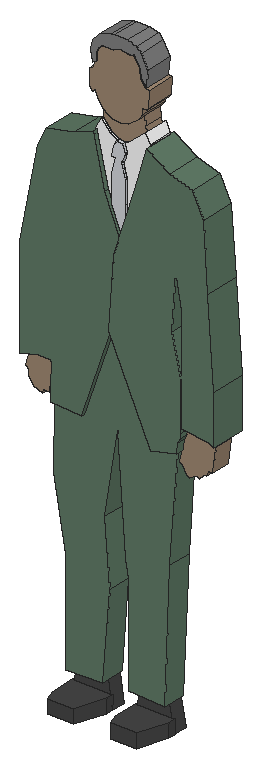
Revit family
Parameters (values of type "Man")
  Height = 0 mm
  Assembly Code = ""
Reference planes
  plane 1 "Center (Front/Back)": y = 0
  plane 2: z = 0
  plane 3 "Center (Left/Right)": x = -11.745
Forms (mm)
  Extrusion 1, solid, material "Fabric - Silver Grey"
    sketch origin (0, 0, 0) x (1, 0, 0) y (0, 0, 1)
      loop
        line (-101.19, 1698.179) -> (-89.484, 1706.179) -> (-89.484, 1727.434) -> (-83.491, 1740.287) -> (-72.885, 1750.894) -> (-39.578, 1750.894) -> (-21.452, 1759.346) -> (8.325, 1755.69) -> (18.808, 1758.499) -> (35.409, 1730.87) -> (40.173, 1703.849) -> (55.863, 1685.15) -> (59.093, 1731.331) -> (41.083, 1769.953) -> (27.525, 1783.511) -> (1.379, 1792.006) -> (-36.355, 1792.006) -> (-43.934, 1792.006) -> (-79.768, 1778.251) -> (-102.45, 1755.569) -> (-107.157, 1728.874) -> (-101.19, 1698.179)
    from -30 to 50
  Extrusion 2, solid, material "Fabric - Black"
    sketch origin (-132.869, 0, 0) x (1, 0, 0) y (0, 1, 0)
      loop
        line (137.832, -25) -> (137.832, -99.027) -> (149.299, -130.532) -> (223.885, -130.532) -> (252.832, -46.463) -> (252.832, -25) -> (137.832, -25)
    from 0 to 40.378
  Extrusion 3, solid, material "Fabric - Black"
    sketch origin (-316.419, 0, 0) x (1, 0, 0) y (0, 1, 0)
      loop
        line (137.832, -25) -> (137.832, -99.027) -> (149.299, -130.532) -> (223.885, -130.532) -> (252.832, -46.463) -> (252.832, -25) -> (137.832, -25)
    from 0 to 40.378
  Extrusion 4, solid, material "Fabric - Black"
    sketch origin (-316.419, 0, 14.855) x (1, 0, 0) y (0, 0, 1)
      loop
        line (147.983, 58.035) -> (135.234, -14.855) -> (255.185, -14.855) -> (242.853, 63.007) -> (147.983, 58.035)
    from -15.302 to 25
  Extrusion 5, solid, material "Fabric - Black"
    sketch origin (256.914, 0, 0.64) x (-1, 0, 0) y (0, 0, -1)
      loop
        line (151.184, -76.337) -> (240.004, -80.992) -> (252.832, 0) -> (137.832, 0) -> (151.184, -76.337)
    from -15.302 to 25
  Extrusion 6, solid, material "Fabric - Dark Skin"
    sketch origin (0, 0, 0) x (1, 0, 0) y (0, 0, 1)
      loop
        line (-96.555, 1701.346) -> (-99.014, 1683.317) -> (-108.418, 1681.146) -> (-111.148, 1642.113) -> (-109.354, 1631.242) -> (-100.84, 1622.727) -> (-96.301, 1627.267) -> (-89.839, 1620.805) -> (-87.05, 1608.724) -> (-75.45, 1591.527) -> (-58.873, 1578.104) -> (-43.321, 1569.835) -> (-20.494, 1567.032) -> (5.51, 1573.035) -> (37.031, 1597.662) -> (45.634, 1609.949) -> (45.634, 1627.267) -> (57.554, 1627.267) -> (63.514, 1633.226) -> (66.908, 1681.763) -> (55.099, 1686.061) -> (40.173, 1703.849) -> (35.409, 1730.87) -> (18.808, 1758.499) -> (8.325, 1755.69) -> (-21.452, 1759.346) -> (-39.578, 1750.894) -> (-72.885, 1750.894) -> (-86.974, 1736.804) -> (-89.484, 1727.434) -> (-89.484, 1706.179) -> (-96.555, 1701.346)
    from -30 to 50
  Extrusion 7, solid, material "Fabric - Dark Skin"
    sketch origin (0, 0, 0) x (1, 0, 0) y (0, 0, 1)
      loop
        line (-75.432, 1591.513) -> (-75.963, 1587.191) -> (-75.963, 1553.876) -> (-53.001, 1527.461) -> (-18.479, 1512.807) -> (3.159, 1521.992) -> (48.442, 1561.356) -> (44.961, 1576.435) -> (41.986, 1604.742) -> (37.241, 1597.966) -> (5.72, 1573.339) -> (-21.217, 1567.12) -> (-43.321, 1569.835) -> (-58.873, 1578.104) -> (-75.432, 1591.513)
    from -15 to 40
  Extrusion 8, solid, material "Fabric - Dark Skin"
    sketch origin (0, 0, 0) x (1, 0, 0) y (0, 0, 1)
      loop
        line (-293.73, 868.019) -> (-304.528, 827.046) -> (-297.457, 819.975) -> (-297.457, 799.975) -> (-283.315, 785.833) -> (-281.679, 781.081) -> (-255.861, 771.684) -> (-252.441, 781.081) -> (-234.215, 781.081) -> (-234.215, 794.354) -> (-223.675, 794.354) -> (-216.835, 813.148) -> (-216.835, 863.148) -> (-221.667, 877.18) -> (-257.915, 880.352) -> (-293.73, 868.019)
    from -15 to 40
  Extrusion 9, solid, material "Fabric - Dark Skin"
    sketch origin (0, 0, 0) x (1, 0, 0) y (0, 0, 1)
      loop
        line (172.058, 833.607) -> (168.617, 817.417) -> (157.003, 792.511) -> (154, 768.052) -> (146.226, 731.48) -> (155.021, 727.379) -> (166.716, 703.188) -> (174.822, 699.408) -> (196.619, 711.992) -> (204.392, 708.368) -> (218.288, 722.264) -> (224.945, 721.447) -> (230.856, 734.125) -> (242.132, 736.113) -> (250.547, 804.649) -> (247.065, 824.397) -> (172.058, 833.607)
    from -15 to 40
  Extrusion 10, solid, material "Fabric - Suit Green"
    sketch origin (0, 0, 0) x (1, 0, 0) y (0, 0, 1)
      loop
        line (64.806, 1533.889) -> (30.524, 1412.007) -> (-31.437, 1221.311) -> (-45.737, 1016.811) -> (75.397, 744.738) -> (153.347, 762.735) -> (157.003, 792.511) -> (163.472, 806.385) -> (163.472, 818.351) -> (163.472, 963.351) -> (137.07, 1077.711) -> (148.58, 1242.309) -> (167.661, 1144.147) -> (167.661, 834.147) -> (247.065, 824.397) -> (262.001, 817.837) -> (262.001, 962.837) -> (244.561, 1212.228) -> (231.308, 1401.766) -> (199.611, 1469.739) -> (132.65, 1491.496) -> (64.806, 1533.889)
    from -40 to 60
  Extrusion 11, solid, material "Fabric - Suit Green"
    sketch origin (0, 0, 0) x (1, 0, 0) y (0, 0, 1)
      loop
        line (-94.401, 1522.82) -> (-151.866, 1499.602) -> (-231.672, 1481.178) -> (-257.029, 1426.799) -> (-309.501, 1156.852) -> (-309.501, 862.92) -> (-256.376, 877.155) -> (-221.376, 877.155) -> (-215.899, 871.678) -> (-220.084, 811.825) -> (-220.084, 766.825) -> (-130.304, 760.546) -> (-46.673, 1003.427) -> (-31.437, 1221.311) -> (-16.535, 1267.175) -> (-60.507, 1376.009) -> (-94.401, 1522.82)
    from -35 to 55
  Extrusion 12, solid, material "Fabric - Suit Green"
    sketch origin (0, 0, 0) x (1, 0, 0) y (0, 0, 1)
      loop
        line (-45.737, 1016.811) -> (-53.795, 982.743) -> (-130.304, 760.546) -> (-215.689, 766.517) -> (-218.967, 578.724) -> (-183.416, 377.105) -> (-183.416, 72.105) -> (-73.566, 77.862) -> (-55.032, 327.489) -> (-68.285, 517.026) -> (-30.741, 754.071) -> (-7.769, 425.552) -> (0.83, 376.785) -> (0.83, 81.558) -> (105.73, 76.978) -> (122.227, 454.8) -> (143.603, 760.485) -> (75.397, 744.738) -> (-45.737, 1016.811)
    from -22.019 to 46.463
  Extrusion 13, solid
    sketch origin (0, 0, 0) x (1, 0, 0) y (0, 0, 1)
      loop
        line (-31.343, 1516.25) -> (-40.975, 1499.959) -> (-44.83, 1472.53) -> (-34.105, 1469.046) -> (-44.83, 1427.207) -> (-44.83, 1337.207) -> (-16.535, 1267.175) -> (-5.098, 1302.374) -> (-5.098, 1357.809) -> (-5.098, 1422.809) -> (-16.745, 1466.275) -> (-11.745, 1466.275) -> (-5.275, 1491.518) -> (-11.745, 1515.666) -> (-31.343, 1516.25)
    from -30 to 50
  Extrusion 14, solid, material "Fabric - White"
    sketch origin (0, 0, 0) x (1, 0, 0) y (0, 0, 1)
      loop
        line (-11.745, 1515.666) -> (-5.117, 1492.243) -> (-11.699, 1466.564) -> (-16.699, 1466.564) -> (-5.052, 1423.097) -> (-5.052, 1303.097) -> (30.485, 1412.469) -> (64.331, 1532.8) -> (65.684, 1537.613) -> (51.6, 1564.101) -> (3.159, 1521.992) -> (-11.745, 1515.666)
    from -25 to 45
  Extrusion 15, solid, material "Fabric - White"
    sketch origin (0, 0, 0) x (1, 0, 0) y (0, 0, 1)
      loop
        line (-31.343, 1516.25) -> (-53.001, 1527.461) -> (-78.195, 1556.443) -> (-96.585, 1524.59) -> (-94.276, 1522.282) -> (-60.507, 1376.009) -> (-44.83, 1337.207) -> (-44.83, 1427.207) -> (-34.105, 1469.046) -> (-44.83, 1472.53) -> (-40.975, 1499.959) -> (-31.343, 1516.25)
    from -25 to 45
Lines and regions (mm)
  sketch lines
    curve 1: line (-2000, 2000, 0) -> (2000, 2000, 0)
    curve 2: line (-2000, 2000, 0) -> (-2000, -2000, 0)
    curve 3: line (-2000, -2000, 0) -> (2000, -2000, 0)
    curve 4: line (2000, 2000, 0) -> (2000, -2000, 0)
Dimensions and locks
  aligned: Extrusion 4 to plane 2
